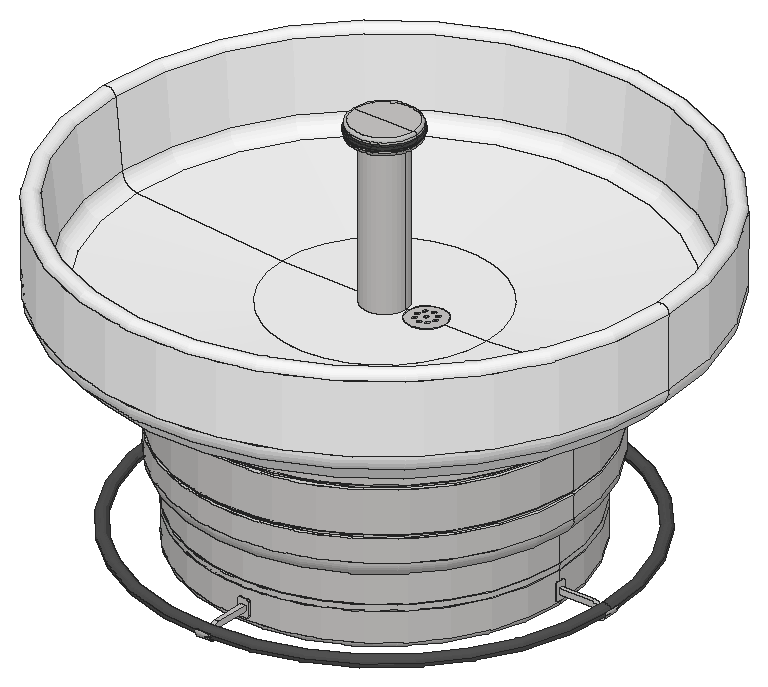
Revit family "Washfountain_Lavatory-Bradley_Corp-WF2608-Type_A_Drain", category Plumbing Fixtures, Revit 2012 (continued)
Lines and regions (in)
  symbolic lines, visible <- "Standard Height", detail levels fine
    curve 33: line (17.96214, 0, 10.06252) -> (-17.96214, 0, 10.06252)
    curve 36: line (-16.6163, 0, 3.8055) -> (16.6163, 0, 3.8055)
    curve 37: line (16.6643, 0, 3.74185) -> (-16.6643, 0, 3.74185)
    curve 39: line (-16.6163, 0, 3.1805) -> (16.6163, 0, 3.1805)
    curve 40: line (16.6643, 0, 3.24415) -> (-16.6643, 0, 3.24415)
    curve 53: line (0, 17.96307, 14.62502) -> (0, -17.96122, 14.62502)
    curve 54: line (0, -17.83622, 14.50002) -> (0, 17.83807, 14.50002)
    curve 55: line (0, 17.83807, 14.37502) -> (0, -17.83622, 14.37502)
    curve 56: line (0, -17.96122, 14.25002) -> (0, 17.96307, 14.25002)
    curve 57: line (0, 17.96307, 10.43752) -> (0, -17.96122, 10.43752)
    curve 58: line (0, -17.83622, 10.31252) -> (0, 17.83807, 10.31252)
    curve 59: line (0, 17.83807, 10.18752) -> (0, -17.83622, 10.18752)
    curve 60: line (0, -17.96122, 10.06252) -> (0, 17.96307, 10.06252)
    curve 62: line (0, 16.61723, 3.8055) -> (0, -16.61537, 3.8055)
    curve 63: line (0, 16.61723, 3.1805) -> (0, -16.61537, 3.1805)
    curve 64: line (0, -16.66337, 3.74185) -> (0, 16.66523, 3.74185)
    curve 66: line (0, -16.66337, 3.24415) -> (0, 16.66523, 3.24415)
  symbolic lines, visible <- "Standard Height", detail levels medium
    curve 29: line (-17.83714, 0, 14.43752) -> (17.83714, 0, 14.43752)
    curve 34: line (-17.83714, 0, 10.25002) -> (17.83714, 0, 10.25002)
    curve 38: line (-16.6643, 0, 3.493) -> (16.6643, 0, 3.493)
    curve 65: line (0, -16.66337, 3.493) -> (0, 16.66523, 3.493)
    curve 67: line (0, -17.83622, 10.25002) -> (0, 17.83807, 10.25002)
    curve 68: line (0, -17.83622, 14.43752) -> (0, 17.83807, 14.43752)
  symbolic lines, visible <- "Standard Height"
    curve 35: line (-16.6163, 0, 6.50796) -> (16.6163, 0, 6.50796)
    curve 61: line (0, 16.61723, 6.50796) -> (0, -16.61537, 6.50796)
  symbolic lines, detail levels coarse
    curve 41: line (0, 27, 20.75002) -> (0, -27, 20.75002)
  symbolic lines, visible <- "Soap Dispenser", detail levels medium+fine
    curve 69: line (-6.1566, 0, 43.125) -> (6.1566, 0, 43.125)
    curve 75: line (0, 6.1566, 43.125) -> (0, -6.1566, 43.125)
    curve 101: circle (0, 0, 44.125) r 4.17907 normal (0, 0, 1)
  symbolic lines, visible <- "Soap Dispenser", detail levels fine
    curve 70: line (-5.98301, 0, 42.48173) -> (5.98301, 0, 42.48173)
    curve 71: line (5.93039, 0, 41.23173) -> (-5.93039, 0, 41.23173)
    curve 72: line (-5.87777, 0, 39.98173) -> (5.87777, 0, 39.98173)
    curve 73: line (5.81, 0, 38.73173) -> (-5.81, 0, 38.73173)
    curve 74: line (-6.1566, 0, 43.75) -> (6.1566, 0, 43.75)
    curve 76: line (0, -5.98301, 42.48173) -> (0, 5.98301, 42.48173)
    curve 77: line (0, 5.93039, 41.23173) -> (0, -5.93039, 41.23173)
    curve 78: line (0, -5.87777, 39.98173) -> (0, 5.87777, 39.98173)
    curve 79: line (0, 5.81, 38.73173) -> (0, -5.81, 38.73173)
    curve 80: line (0, 6.1566, 43.75) -> (0, -6.1566, 43.75)
  symbolic lines, detail levels medium
    curve 81: line (-3.12875, 0, 35.18002) -> (-3.035, 0, 35.18002)
    curve 83: line (3.035, 0, 35.18002) -> (3.12875, 0, 35.18002)
    curve 84: line (3.12875, 0, 34.68002) -> (3.035, 0, 34.68002)
    curve 86: line (-3.035, 0, 34.68002) -> (-3.12875, 0, 34.68002)
    curve 88: line (0, 3.12875, 35.18002) -> (0, 3.035, 35.18002)
    curve 90: line (0, -3.035, 35.18002) -> (0, -3.12875, 35.18002)
    curve 91: line (0, -3.12875, 34.68002) -> (0, -3.035, 34.68002)
    curve 93: line (0, 3.035, 34.68002) -> (0, 3.12875, 34.68002)
  symbolic lines, detail levels medium+fine
    curve 82: line (-3.035, 0, 35.18002) -> (3.035, 0, 35.18002)
    curve 85: line (3.035, 0, 34.68002) -> (-3.035, 0, 34.68002)
    curve 89: line (0, 3.035, 35.18002) -> (0, -3.035, 35.18002)
    curve 92: line (0, -3.035, 34.68002) -> (0, 3.035, 34.68002)
    curve 103: circle (0, 0, 35.625) r 2 normal (0, 0, 1)
    curve 203: circle (4, 0, 29.25) r 1.25 normal (0, 0, 1)
    curve 204: circle (4, 0, 29.25) r 0.1842 normal (0, 0, 1)
    curve 205: circle (4, 0.87771, 29.25) r 0.1842 normal (0, 0, 1)
    curve 206: circle (4.62063, 0.62063, 29.25) r 0.1842 normal (0, 0, 1)
    curve 207: circle (4.87771, 0, 29.25) r 0.1842 normal (0, 0, 1)
    curve 208: circle (4.62063, -0.62063, 29.25) r 0.1842 normal (0, 0, 1)
    curve 209: circle (4, -0.87771, 29.25) r 0.1842 normal (0, 0, 1)
    curve 210: circle (3.37937, -0.62063, 29.25) r 0.1842 normal (0, 0, 1)
    curve 211: circle (3.12229, 0, 29.25) r 0.1842 normal (0, 0, 1)
    curve 212: circle (3.37937, 0.62063, 29.25) r 0.1842 normal (0, 0, 1)
    curve 214: circle (0, 0, 29.25) r 20.5 normal (0, 0, 1)
  symbolic lines
    curve 87: line (-2, 0, 34.23502) -> (2, 0, 34.23502)
    curve 94: line (0, 2, 34.23502) -> (0, -2, 34.23502)
    curve 202: circle (4, 0, 29.25) r 1.75 normal (0, 0, 1)
    curve 213: circle (0, 0, 29.25) r 25 normal (0, 0, 1)
  symbolic lines, visible <- "Sensor Module", detail levels fine
    curve 95: line (-4.49987, 0, 38.55959) -> (4.49987, 0, 38.55959)
    curve 98: line (0, 4.49987, 38.55959) -> (0, -4.49987, 38.55959)
  symbolic lines, visible <- "Sensor Module", detail levels medium
    curve 96: line (4.57537, 0, 37.11012) -> (-4.5755, 0, 37.11012)
    curve 99: line (0, -4.57537, 37.11012) -> (0, 4.57537, 37.11012)
  symbolic lines, visible <- "Sensor Module"
    curve 97: line (-2, 0, 36.28462) -> (2, 0, 36.28462)
    curve 100: line (0, 2, 36.285) -> (0, -2, 36.285)
  symbolic lines, visible <- "Sensor Module", detail levels medium+fine
    curve 102: circle (0, 0, 39.125) r 2.10282 normal (0, 0, 1)
  model lines, visible <- "Towel Dispenser", detail levels fine
    curve 107: spline (-9.02676, 1.1394, 53.87502) -> (-8.93305, 0.9771, 56.91615) -> (-8.65832, 0.50125, 59.75002) -> (-8.22128, -0.25572, 62.18353) -> (-7.65173, -1.24223, 64.05082) -> (-6.98846, -2.39103, 65.22465) -> (-6.2767, -3.62385, 65.62502) -> (-5.56493, -4.85667, 65.22465) -> (-4.90166, -6.00548, 64.05082) -> (-4.33211, -6.99198, 62.18353) -> (-3.89507, -7.74895, 59.75002) -> (-3.62034, -8.2248, 56.91615) -> (-3.52663, -8.3871, 53.87502)
    curve 108: spline (3.527, -8.3872, 53.87502) -> (3.6207, -8.22489, 56.91615) -> (3.89542, -7.74903, 59.75002) -> (4.33244, -6.99205, 62.18353) -> (4.90197, -6.00554, 64.05082) -> (5.56521, -4.85671, 65.22465) -> (6.27694, -3.62387, 65.62502) -> (6.98868, -2.39103, 65.22465) -> (7.65191, -1.24221, 64.05082) -> (8.22144, -0.2557, 62.18353) -> (8.65846, 0.50129, 59.75002) -> (8.93318, 0.97714, 56.91615) -> (9.02688, 1.13945, 53.87502)
    curve 154: spline (4.50547, -6.69233, 56.47659) -> (4.48576, -6.72648, 56.51066) -> (4.46739, -6.7583, 56.61056) -> (4.45161, -6.78563, 56.76948) -> (4.43951, -6.80659, 56.97659) -> (4.4319, -6.81977, 57.21777) -> (4.4293, -6.82427, 57.47659) -> (4.4319, -6.81977, 57.7354) -> (4.43951, -6.80659, 57.97659) -> (4.45161, -6.78563, 58.18369) -> (4.46739, -6.7583, 58.34261) -> (4.48576, -6.72648, 58.44251) -> (4.50547, -6.69233, 58.47659) -> (4.52519, -6.65819, 58.44251) -> (4.54356, -6.62637, 58.34261) -> (4.55933, -6.59904, 58.18369) -> (4.57144, -6.57807, 57.97659) -> (4.57905, -6.56489, 57.7354) -> (4.58164, -6.5604, 57.47659) -> (4.57905, -6.56489, 57.21777) -> (4.57144, -6.57807, 56.97659) -> (4.55933, -6.59904, 56.76948) -> (4.54356, -6.62637, 56.61056) -> (4.52519, -6.65819, 56.51066) -> (4.50547, -6.69233, 56.47659)
    curve 155: spline (3.54323, 7.20696, 56.47659) -> (3.58266, 7.20696, 56.51066) -> (3.6194, 7.20696, 56.61056) -> (3.65095, 7.20696, 56.76948) -> (3.67516, 7.20696, 56.97659) -> (3.69038, 7.20696, 57.21777) -> (3.69557, 7.20696, 57.47659) -> (3.69038, 7.20696, 57.7354) -> (3.67516, 7.20696, 57.97659) -> (3.65095, 7.20696, 58.18369) -> (3.6194, 7.20696, 58.34261) -> (3.58266, 7.20696, 58.44251) -> (3.54323, 7.20696, 58.47659) -> (3.5038, 7.20696, 58.44251) -> (3.46706, 7.20696, 58.34261) -> (3.4355, 7.20696, 58.18369) -> (3.41129, 7.20696, 57.97659) -> (3.39607, 7.20696, 57.7354) -> (3.39088, 7.20696, 57.47659) -> (3.39607, 7.20696, 57.21777) -> (3.41129, 7.20696, 56.97659) -> (3.4355, 7.20696, 56.76948) -> (3.46706, 7.20696, 56.61056) -> (3.5038, 7.20696, 56.51066) -> (3.54323, 7.20696, 56.47659)
    curve 156: spline (-8.04824, -0.55544, 56.47659) -> (-8.06796, -0.52129, 56.51066) -> (-8.08633, -0.48947, 56.61056) -> (-8.10211, -0.46215, 56.76948) -> (-8.11421, -0.44118, 56.97659) -> (-8.12182, -0.428, 57.21777) -> (-8.12442, -0.42351, 57.47659) -> (-8.12182, -0.428, 57.7354) -> (-8.11421, -0.44118, 57.97659) -> (-8.10211, -0.46215, 58.18369) -> (-8.08633, -0.48947, 58.34261) -> (-8.06796, -0.52129, 58.44251) -> (-8.04824, -0.55544, 58.47659) -> (-8.02853, -0.58959, 58.44251) -> (-8.01016, -0.62141, 58.34261) -> (-7.99438, -0.64873, 58.18369) -> (-7.98228, -0.6697, 57.97659) -> (-7.97467, -0.68288, 57.7354) -> (-7.97207, -0.68737, 57.47659) -> (-7.97467, -0.68288, 57.21777) -> (-7.98228, -0.6697, 56.97659) -> (-7.99438, -0.64873, 56.76948) -> (-8.01016, -0.62141, 56.61056) -> (-8.02853, -0.58959, 56.51066) -> (-8.04824, -0.55544, 56.47659)
    curve 157: spline (5.50026, 7.20696, 53.87502) -> (5.31285, 7.20696, 56.91615) -> (4.76338, 7.20696, 59.75002) -> (3.88931, 7.20696, 62.18353) -> (2.75019, 7.20696, 64.05082) -> (1.42367, 7.20696, 65.22465) -> (0.00013, 7.20696, 65.62502) -> (-1.42341, 7.20696, 65.22465) -> (-2.74994, 7.20696, 64.05082) -> (-3.88905, 7.20696, 62.18353) -> (-4.76312, 7.20696, 59.75002) -> (-5.31259, 7.20696, 56.91615) -> (-5.5, 7.20696, 53.87502)
  symbolic lines, visible <- "Towel Dispenser", detail levels fine
    curve 110: spline (-9.02676, -27, 53.87502) -> (-8.93305, -27, 56.91615) -> (-8.65832, -27, 59.75002) -> (-8.22128, -27, 62.18353) -> (-7.65173, -27, 64.05082) -> (-6.98846, -27, 65.22465) -> (-6.2767, -27, 65.62502) -> (-5.56493, -27, 65.22465) -> (-4.90166, -27, 64.05082) -> (-4.33211, -27, 62.18353) -> (-3.89507, -27, 59.75002) -> (-3.62034, -27, 56.91615) -> (-3.52663, -27, 53.87502)
    curve 111: spline (3.527, -27, 53.87502) -> (3.6207, -27, 56.91615) -> (3.89542, -27, 59.75002) -> (4.33244, -27, 62.18353) -> (4.90197, -27, 64.05082) -> (5.56521, -27, 65.22465) -> (6.27694, -27, 65.62502) -> (6.98868, -27, 65.22465) -> (7.65191, -27, 64.05082) -> (8.22144, -27, 62.18353) -> (8.65846, -27, 59.75002) -> (8.93318, -27, 56.91615) -> (9.02688, -27, 53.87502)
    curve 141: spline (5.50026, 27, 53.87502) -> (5.31285, 27, 56.91615) -> (4.76338, 27, 59.75002) -> (3.88931, 27, 62.18353) -> (2.75019, 27, 64.05082) -> (1.42367, 27, 65.22465) -> (0.00013, 27, 65.62502) -> (-1.42341, 27, 65.22465) -> (-2.74994, 27, 64.05082) -> (-3.88905, 27, 62.18353) -> (-4.76312, 27, 59.75002) -> (-5.31259, 27, 56.91615) -> (-5.5, 27, 53.87502)
    curve 149: spline (0, 1.1394, 53.87502) -> (0, 0.9771, 56.91615) -> (0, 0.50125, 59.75002) -> (0, -0.25572, 62.18353) -> (0, -1.24223, 64.05082) -> (0, -2.39103, 65.22465) -> (0, -3.62385, 65.62502) -> (0, -4.85667, 65.22465) -> (0, -6.00548, 64.05082) -> (0, -6.99198, 62.18353) -> (0, -7.74895, 59.75002) -> (0, -8.2248, 56.91615) -> (0, -8.3871, 53.87502)
    curve 158: spline (-8.04824, -27, 56.47659) -> (-8.06796, -27, 56.51066) -> (-8.08633, -27, 56.61056) -> (-8.10211, -27, 56.76948) -> (-8.11421, -27, 56.97659) -> (-8.12182, -27, 57.21777) -> (-8.12442, -27, 57.47659) -> (-8.12182, -27, 57.7354) -> (-8.11421, -27, 57.97659) -> (-8.10211, -27, 58.18369) -> (-8.08633, -27, 58.34261) -> (-8.06796, -27, 58.44251) -> (-8.04824, -27, 58.47659) -> (-8.02853, -27, 58.44251) -> (-8.01016, -27, 58.34261) -> (-7.99438, -27, 58.18369) -> (-7.98228, -27, 57.97659) -> (-7.97467, -27, 57.7354) -> (-7.97207, -27, 57.47659) -> (-7.97467, -27, 57.21777) -> (-7.98228, -27, 56.97659) -> (-7.99438, -27, 56.76948) -> (-8.01016, -27, 56.61056) -> (-8.02853, -27, 56.51066) -> (-8.04824, -27, 56.47659)
    curve 159: spline (4.50547, -27, 56.47659) -> (4.48576, -27, 56.51066) -> (4.46739, -27, 56.61056) -> (4.45161, -27, 56.76948) -> (4.43951, -27, 56.97659) -> (4.4319, -27, 57.21777) -> (4.4293, -27, 57.47659) -> (4.4319, -27, 57.7354) -> (4.43951, -27, 57.97659) -> (4.45161, -27, 58.18369) -> (4.46739, -27, 58.34261) -> (4.48576, -27, 58.44251) -> (4.50547, -27, 58.47659) -> (4.52519, -27, 58.44251) -> (4.54356, -27, 58.34261) -> (4.55933, -27, 58.18369) -> (4.57144, -27, 57.97659) -> (4.57905, -27, 57.7354) -> (4.58164, -27, 57.47659) -> (4.57905, -27, 57.21777) -> (4.57144, -27, 56.97659) -> (4.55933, -27, 56.76948) -> (4.54356, -27, 56.61056) -> (4.52519, -27, 56.51066) -> (4.50547, -27, 56.47659)
    curve 160: spline (3.54323, 27, 56.47659) -> (3.58266, 27, 56.51066) -> (3.6194, 27, 56.61056) -> (3.65095, 27, 56.76948) -> (3.67516, 27, 56.97659) -> (3.69038, 27, 57.21777) -> (3.69557, 27, 57.47659) -> (3.69038, 27, 57.7354) -> (3.67516, 27, 57.97659) -> (3.65095, 27, 58.18369) -> (3.6194, 27, 58.34261) -> (3.58266, 27, 58.44251) -> (3.54323, 27, 58.47659) -> (3.5038, 27, 58.44251) -> (3.46706, 27, 58.34261) -> (3.4355, 27, 58.18369) -> (3.41129, 27, 57.97659) -> (3.39607, 27, 57.7354) -> (3.39088, 27, 57.47659) -> (3.39607, 27, 57.21777) -> (3.41129, 27, 56.97659) -> (3.4355, 27, 56.76948) -> (3.46706, 27, 56.61056) -> (3.5038, 27, 56.51066) -> (3.54323, 27, 56.47659)
    curve 194: spline (0, -0.55544, 56.47659) -> (0, -0.52129, 56.51066) -> (0, -0.48947, 56.61056) -> (0, -0.46215, 56.76948) -> (0, -0.44118, 56.97659) -> (0, -0.428, 57.21777) -> (0, -0.42351, 57.47659) -> (0, -0.428, 57.7354) -> (0, -0.44118, 57.97659) -> (0, -0.46215, 58.18369) -> (0, -0.48947, 58.34261) -> (0, -0.52129, 58.44251) -> (0, -0.55544, 58.47659) -> (0, -0.58959, 58.44251) -> (0, -0.62141, 58.34261) -> (0, -0.64873, 58.18369) -> (0, -0.6697, 57.97659) -> (0, -0.68288, 57.7354) -> (0, -0.68737, 57.47659) -> (0, -0.68288, 57.21777) -> (0, -0.6697, 56.97659) -> (0, -0.64873, 56.76948) -> (0, -0.62141, 56.61056) -> (0, -0.58959, 56.51066) -> (0, -0.55544, 56.47659)
  symbolic lines, visible <- "Towel Dispenser"
    curve 112: line (-0.06253, -27, 67.813) -> (-3.52663, -27, 67.12567)
    curve 113: line (3.527, -27, 67.12567) -> (0.06285, -27, 67.813)
    curve 114: line (-9.02676, -27, 67.12567) -> (-3.52663, -27, 67.12567)
    curve 115: line (-3.52663, -27, 67.12567) -> (-3.52663, -27, 53.87502)
    curve 116: line (3.527, -27, 53.87502) -> (3.527, -27, 67.12567)
    curve 117: line (0.06285, -27, 67.813) -> (0.06285, -27, 52.5)
    curve 118: line (-0.06253, -27, 52.5) -> (-0.06253, -27, 67.813)
    curve 119: line (-3.52663, -27, 53.87502) -> (-1.57807, -27, 52.5)
    curve 120: line (1.57842, -27, 52.5) -> (3.527, -27, 53.87502)
    curve 121: line (-9.02676, -27, 53.87502) -> (-3.52663, -27, 53.87502)
    curve 122: line (3.527, -27, 53.87502) -> (9.02688, -27, 53.87502)
    curve 131: line (3.527, -27, 67.12567) -> (9.02688, -27, 67.12567)
    curve 133: line (-5.5, 27, 67.813) -> (-5.5, 27, 52.5)
    curve 134: line (5.50026, 27, 52.5) -> (5.50026, 27, 67.813)
    curve 135: line (5.50026, 27, 67.12567) -> (-5.5, 27, 67.12567)
    curve 136: line (5.50026, 27, 53.87502) -> (-5.5, 27, 53.87502)
    curve 142: line (0, 3.20696, 67.813) -> (0, 3.20696, 52.5)
    curve 143: line (0, 3.1394, 67.813) -> (0, 3.1394, 52.5)
    curve 144: line (0, 1.1394, 67.12567) -> (0, 3.1394, 67.813)
    curve 145: line (0, 1.1394, 53.87502) -> (0, 1.1394, 67.12567)
    curve 146: line (0, 1.1394, 67.12567) -> (0, -8.3871, 67.12567)
    curve 147: line (0, 2.2644, 52.5) -> (0, 1.1394, 53.87502)
    curve 148: line (0, 1.1394, 53.87502) -> (0, -8.3871, 53.87502)
    curve 192: line (-2, -27, 52.5) -> (2, -27, 52.5)
    curve 193: line (-2, -27, 67.813) -> (2, -27, 67.813)
    curve 195: line (0, 2, 67.813) -> (0, -2, 67.813)
    curve 218: line (-5.56259, 3.13929, 52.5) -> (-0.06259, -6.38699, 52.5)
    curve 219: line (0.06279, -6.3871, 52.5) -> (5.56279, 3.13918, 52.5)
    curve 220: line (5.50026, 3.20696, 52.5) -> (-5.5, 3.20696, 52.5)
    curve 221: line (-5.5, 3.20696, 52.5) -> (-5.56259, 3.13929, 52.5)
    curve 222: line (5.56279, 3.13918, 52.5) -> (5.50026, 3.20696, 52.5)
  symbolic lines, visible <- "Towel Dispenser", detail levels medium+fine
    curve 123: line (-3.85657, -27, 53.5786) -> (-7.8567, -27, 53.5786)
    curve 124: spline (-7.8567, -27, 53.5786) -> (-7.93487, -27, 53.56528) -> (-7.96995, -27, 53.52621) -> (-7.95954, -27, 53.46406) -> (-7.90435, -27, 53.38306) -> (-7.80815, -27, 53.28873) -> (-7.67748, -27, 53.18751) -> (-7.52126, -27, 53.08629) -> (-7.35013, -27, 52.99197) -> (-7.17575, -27, 52.91097) -> (-7.01001, -27, 52.84882) -> (-6.8642, -27, 52.80975) -> (-6.74826, -27, 52.79642)
    curve 125: line (-6.74826, -27, 52.79642) -> (-2.74813, -27, 52.79642)
    curve 126: spline (-2.74813, -27, 52.79642) -> (-2.66996, -27, 52.80975) -> (-2.63488, -27, 52.84882) -> (-2.64529, -27, 52.91097) -> (-2.70048, -27, 52.99197) -> (-2.79669, -27, 53.08629) -> (-2.92735, -27, 53.18751) -> (-3.08357, -27, 53.28873) -> (-3.2547, -27, 53.38306) -> (-3.42908, -27, 53.46406) -> (-3.59482, -27, 53.52621) -> (-3.74063, -27, 53.56528) -> (-3.85657, -27, 53.5786)
    curve 127: line (7.8569, -27, 53.57864) -> (3.85695, -27, 53.57864)
    curve 128: spline (3.85695, -27, 53.57864) -> (3.74101, -27, 53.56531) -> (3.59521, -27, 53.52624) -> (3.42947, -27, 53.46409) -> (3.25509, -27, 53.38309) -> (3.08396, -27, 53.28877) -> (2.92774, -27, 53.18755) -> (2.79707, -27, 53.08632) -> (2.70086, -27, 52.992) -> (2.64567, -27, 52.911) -> (2.63526, -27, 52.84885) -> (2.67033, -27, 52.80978) -> (2.7485, -27, 52.79645)
    curve 129: line (2.7485, -27, 52.79645) -> (6.74844, -27, 52.79645)
    curve 130: spline (6.74844, -27, 52.79645) -> (6.86438, -27, 52.80978) -> (7.01019, -27, 52.84885) -> (7.17593, -27, 52.911) -> (7.3503, -27, 52.992) -> (7.52143, -27, 53.08632) -> (7.67766, -27, 53.18755) -> (7.80832, -27, 53.28877) -> (7.90453, -27, 53.38309) -> (7.95972, -27, 53.46409) -> (7.97014, -27, 53.52624) -> (7.93507, -27, 53.56531) -> (7.8569, -27, 53.57864)
    curve 137: line (-4, 27, 53.5786) -> (4.00026, 27, 53.5786)
    curve 138: spline (4.00026, 27, 53.5786) -> (4.19437, 27, 53.56528) -> (4.37526, 27, 53.52621) -> (4.53059, 27, 53.46406) -> (4.64978, 27, 53.38306) -> (4.7247, 27, 53.28873) -> (4.75026, 27, 53.18751) -> (4.7247, 27, 53.08629) -> (4.64978, 27, 52.99197) -> (4.53059, 27, 52.91097) -> (4.37526, 27, 52.84882) -> (4.19437, 27, 52.80975) -> (4.00026, 27, 52.79642)
    curve 139: line (4.00026, 27, 52.79642) -> (-4, 27, 52.79642)
    curve 140: spline (-4, 27, 52.79642) -> (-4.19411, 27, 52.80975) -> (-4.375, 27, 52.84882) -> (-4.53033, 27, 52.91097) -> (-4.64952, 27, 52.99197) -> (-4.72444, 27, 53.08629) -> (-4.75, 27, 53.18751) -> (-4.72444, 27, 53.28873) -> (-4.64952, 27, 53.38306) -> (-4.53033, 27, 53.46406) -> (-4.375, 27, 53.52621) -> (-4.19411, 27, 53.56528) -> (-4, 27, 53.5786)
    curve 150: line (0, -6.84554, 53.5786) -> (0, 0.08288, 53.5786)
    curve 151: spline (0, 0.08288, 53.5786) -> (0, 0.26189, 53.56528) -> (0, 0.45051, 53.52621) -> (0, 0.63588, 53.46406) -> (0, 0.80537, 53.38306) -> (0, 0.94743, 53.28873) -> (0, 1.05238, 53.18751) -> (0, 1.11307, 53.08629) -> (0, 1.12535, 52.99197) -> (0, 1.0884, 52.91097) -> (0, 1.00473, 52.84882) -> (0, 0.88005, 52.80975) -> (0, 0.72284, 52.79642)
    curve 152: line (0, 0.72284, 52.79642) -> (0, -6.20559, 52.79642)
    curve 153: spline (0, -6.20559, 52.79642) -> (0, -6.3846, 52.80975) -> (0, -6.57321, 52.84882) -> (0, -6.75859, 52.91097) -> (0, -6.92808, 52.99197) -> (0, -7.07014, 53.08629) -> (0, -7.17508, 53.18751) -> (0, -7.23577, 53.28873) -> (0, -7.24806, 53.38306) -> (0, -7.2111, 53.46406) -> (0, -7.12744, 53.52621) -> (0, -7.00275, 53.56528) -> (0, -6.84554, 53.5786)
    curve 215: line (-7.0782, 2.2644, 52.5) -> (-1.57807, -7.2621, 52.5)
    curve 216: line (1.57842, -7.26225, 52.5) -> (7.07842, 2.26403, 52.5)
    curve 217: line (5.50026, 4.95696, 52.5) -> (-5.5, 4.95696, 52.5)
  model lines, not visible
    curve 161: circle (0, 0, 0) r 21 normal (0, 0, 1)
  sketch lines
    curve 162: circle (0, 0, 0) r 21 normal (0, 0, 1)
  symbolic lines, visible <- "Foot Control Valve", detail levels fine
    curve 163: line (-0.67, 0, 0.925) -> (-0.67, 0, 1.61691)
    curve 164: line (-0.67, 0, 1.61691) -> (0.67, 0, 1.61691)
    curve 165: line (0.67, 0, 1.61691) -> (0.67, 0, 0.925)
    curve 166: line (-0.46567, 0, 0.825) -> (0.46567, 0, 0.825)
    curve 167: line (-0.50501, 0, 1.925) -> (0.50501, 0, 1.925)
    curve 168: arc (-20.98857, 0, 0.925) -> (-21.39304, 0, 1.11581) -> (-21.48307, 0, 1.55388) r 0.5
    curve 169: arc (-20.99912, 0, 0.82487) -> (-20.82626, 0, 0.85057) -> (-20.66814, 0, 0.925) r 0.6
    curve 170: line (-20.30228, 0, 0.925) -> (-20.98857, 0, 0.925)
    curve 171: arc (21.48307, 0, 1.55388) -> (21.39304, 0, 1.11581) -> (20.98857, 0, 0.925) r 0.5
    curve 172: arc (20.66814, 0, 0.925) -> (20.82626, 0, 0.85057) -> (20.99912, 0, 0.82487) r 0.6
    curve 173: line (20.30228, 0, 0.925) -> (20.98857, 0, 0.925)
    curve 174: arc (0, 21.48307, 1.55401) -> (0, 20.6919, 1.03121) -> (0, 21.009, 1.92492) r 0.5
    curve 175: arc (0, 20.51154, 1.53179) -> (0, 20.47337, 1.59132) -> (0, 20.41385, 1.55315) r 0.05
    curve 176: arc (0, 20.41385, 1.55315) -> (0, 20.5328, 1.04853) -> (0, 21.00059, 0.825) r 0.6
    curve 177: line (0, 20.30377, 0.92644) -> (0, 20.66618, 0.92644)
    curve 178: arc (0, -21.00467, 1.92498) -> (0, -20.69361, 1.02988) -> (0, -21.48307, 1.55401) r 0.5
    curve 179: arc (0, -20.41385, 1.55315) -> (0, -20.47337, 1.59132) -> (0, -20.51154, 1.53179) r 0.05
    curve 180: arc (0, -20.98882, 0.8251) -> (0, -20.52913, 1.05313) -> (0, -20.41385, 1.55315) r 0.6
    curve 181: line (0, -20.30078, 0.92644) -> (0, -20.66618, 0.92644)
    curve 182: line (0, -0.67, 1.61678) -> (0, -0.67, 0.82487)
    curve 183: line (0, 0.67, 1.61678) -> (0, -0.67, 1.61678)
    curve 184: line (0, 0.67, 0.82487) -> (0, 0.67, 1.61678)
    curve 185: line (0, 0.50501, 1.92487) -> (0, -0.50501, 1.92487)
    curve 186: line (0, 0.46567, 0.82487) -> (0, -0.46567, 0.82487)
  model lines, detail levels medium+fine
    curve 201: circle (4, 0, 20.20024) r 1.25 normal (0, 0, 1)
    curve 223: circle (4, 0, 20.25) r 1.25 normal (0, 0, 1)
Dimensions and locks (in)
  equal spacing: plane 4 "Left", plane 3 "Center (Left/Right)", plane 5 "Right"
  "Width": plane 4 "Left" to plane 5 "Right"
  equal spacing: plane 7 "Back", plane 1 "Center (Front/Back)", plane 6 "Front"
  "Width": plane 7 "Back" to plane 6 "Front"
  "Towel Dispenser Height": plane 8 "Towel Dispenser" to plane 2
  "Soap Dispenser Height": plane 9 "Soap Dispenser" to plane 2
  "Sensor Module Height": plane 10 "Sensor Module" to plane 2
  "Spray Head Height": plane 11 "Spray Head" to plane 2
  "Rim Height": plane 12 "Rim Height" to plane 2
  "Pedestal Height": plane 13 "Pedestal Height" to plane 2
  locked: plane 11 "Spray Head" to Revolve 7 sketch curve at 1.38998
  locked: plane 9 "Soap Dispenser" to Revolve 9 sketch curve at 6
  locked: plane 9 "Soap Dispenser" to Masking region 13 sketch curve at 6
  locked: plane 9 "Soap Dispenser" to Masking region 14 sketch curve at 6
  locked: plane 10 "Sensor Module" to Revolve 11 sketch curve at 2.84038
  locked: plane 10 "Sensor Module" to Revolve 12 sketch curve at 2.84
  locked: plane 10 "Sensor Module" to Masking region 21 sketch curve at 2.84038
  locked: plane 10 "Sensor Module" to Masking region 21 sketch curve at 2.84
  locked: plane 10 "Sensor Module" to Masking region 22 sketch curve at 2.84038  (x2)
  locked: plane 10 "Sensor Module" to Masking region 23 sketch curve at 2.84038
  locked: plane 10 "Sensor Module" to Masking region 23 sketch curve at 2.84
  locked: plane 10 "Sensor Module" to Masking region 24 sketch curve at 2.84038  (x2)
  locked: Extrusion 13 sketch curve to curve 106 at 4
  locked: curve 106 to Extrusion 13 sketch curve at 15.16279
  locked: curve 106 to Extrusion 13 sketch curve at 15.313
  locked: Extrusion 14 sketch curve to curve 104 at 4
  locked: curve 104 to Extrusion 14 sketch curve at 15.313
  locked: curve 104 to Extrusion 14 sketch curve at 15.16279
  locked: Extrusion 15 sketch curve to curve 105 at 15.313
  locked: Extrusion 15 sketch curve to curve 105 at 14.62567
  locked: Extrusion 16 to Extrusion 14 at 1
  locked: plane 9 "Soap Dispenser" to plane 14 at 6
  "Soap Dispenser Holder": plane 14 to Masking region 32
  "Soap Dispenser Holder": Masking region 33 to plane 14
  "Soap Dispenser Holder": plane 14 to Extrusion 17
  "Towel Dispenser Holder": plane 8 "Towel Dispenser" to Extrusion 16
  "Towel Dispenser Holder": plane 8 "Towel Dispenser" to Masking region 30 sketch curve
  "Towel Dispenser Holder": plane 8 "Towel Dispenser" to Masking region 38
  locked: Extrusion 31 to plane 2 at 3
  plane 1 "Center (Front/Back)" to Extrusion 32 sketch curve = 2.500"  (x2)
  Extrusion 32 sketch curve to plane 3 "Center (Left/Right)" to Extrusion 32 sketch curve = 7.625", 7.625"
  locked: Extrusion 32 to plane 2 at 2.5
  locked: plane 9 "Soap Dispenser" to Revolve 10 sketch curve at 1
  locked: plane 9 "Soap Dispenser" to Revolve 33 sketch curve at 1
  locked: plane 10 "Sensor Module" to Extrusion 34 sketch curve at 1.3649
  locked: plane 10 "Sensor Module" to Extrusion 36 sketch curve at 1.3649
  locked: plane 10 "Sensor Module" to Extrusion 35 sketch curve at 1.3649
  locked: plane 10 "Sensor Module" to Extrusion 37 sketch curve at 1.3649
  locked: plane 3 "Center (Left/Right)" to Extrusion 31 sketch curve at 4
  "Drain Radius": radius of Extrusion 31 sketch curve
  "Hot Lavatory Inlet Radius": radius of Extrusion 32 sketch curve
  "Cold Lavatory Inlet Radius": radius of Extrusion 32 sketch curve
  aligned and locked: Revolve 1 sketch curve to plane 3 "Center (Left/Right)"
  aligned and locked: Revolve 2 sketch curve to plane 4 "Left"
  aligned and locked: Revolve 2 sketch curve to plane 13 "Pedestal Height"
  aligned and locked: plane 3 "Center (Left/Right)" to Revolve 2 sketch curve
  aligned and locked: Revolve 2 sketch curve to plane 3 "Center (Left/Right)"
  aligned and locked: Revolve 3 sketch curve to plane 3 "Center (Left/Right)"  (x2)
  aligned and locked: Revolve 4 sketch curve to plane 3 "Center (Left/Right)"
  aligned and locked: Revolve 5 sketch curve to plane 3 "Center (Left/Right)"
  aligned and locked: Revolve 6 sketch curve to plane 3 "Center (Left/Right)"
  aligned and locked: Revolve 7 sketch curve to plane 3 "Center (Left/Right)"
  aligned and locked: Revolve 8 sketch curve to plane 3 "Center (Left/Right)"
  aligned and locked: Revolve 9 sketch curve to plane 3 "Center (Left/Right)"
  aligned and locked: Revolve 10 sketch curve to plane 3 "Center (Left/Right)"
  aligned and locked: plane 12 "Rim Height" to Masking region 17 sketch curve
  aligned and locked: Masking region 18 sketch curve to plane 12 "Rim Height"
  aligned and locked: Masking region 19 sketch curve to plane 12 "Rim Height"
  aligned and locked: plane 12 "Rim Height" to Masking region 20 sketch curve
  aligned and locked: Revolve 11 sketch curve to plane 3 "Center (Left/Right)"
  aligned and locked: Revolve 12 sketch curve to plane 3 "Center (Left/Right)"
  aligned and locked: Revolve 11 sketch curve to plane 11 "Spray Head"
  aligned and locked: Revolve 12 sketch curve to plane 11 "Spray Head"
  aligned and locked: plane 11 "Spray Head" to Masking region 21 sketch curve
  aligned and locked: Masking region 22 sketch curve to plane 11 "Spray Head"
  aligned and locked: plane 11 "Spray Head" to Masking region 23 sketch curve
  aligned and locked: Masking region 24 sketch curve to plane 11 "Spray Head"
  aligned and locked: plane 14 to Masking region 32 sketch curve
  aligned and locked: plane 14 to Masking region 33 sketch curve
  aligned and locked: Extrusion 17 to plane 14
  aligned and locked: Masking region 38 sketch curve to plane 8 "Towel Dispenser"
  aligned and locked: plane 12 "Rim Height" to Extrusion 29
  aligned and locked: Extrusion 29 to plane 13 "Pedestal Height"
  aligned and locked: plane 3 "Center (Left/Right)" to Masking region 25 sketch curve
  aligned and locked: plane 1 "Center (Front/Back)" to Masking region 25 sketch curve
  aligned and locked: plane 1 "Center (Front/Back)" to Extrusion 31 sketch curve
  aligned and locked: Extrusion 31 to plane 2
  aligned and locked: Revolve 8 to plane 13 "Pedestal Height"
  aligned and locked: Revolve 7 to plane 13 "Pedestal Height"
  aligned and locked: Extrusion 32 to plane 2
  aligned and locked: plane 14 to Revolve 10 sketch curve
  aligned and locked: Revolve 33 sketch curve to plane 3 "Center (Left/Right)"
  aligned and locked: Revolve 33 sketch curve to plane 9 "Soap Dispenser"
  aligned and locked: plane 3 "Center (Left/Right)" to Extrusion 34 sketch curve
  aligned and locked: plane 3 "Center (Left/Right)" to Extrusion 36 sketch curve
  aligned and locked: plane 3 "Center (Left/Right)" to Extrusion 35 sketch curve
  aligned and locked: plane 3 "Center (Left/Right)" to Extrusion 37 sketch curve
  aligned and locked: Masking region 23 to Extrusion 35
  aligned and locked: Extrusion 34 to Masking region 23
  aligned and locked: Masking region 23 to Extrusion 37
  aligned and locked: Extrusion 37 to Masking region 24
  aligned and locked: Extrusion 36 to Masking region 24
  aligned and locked: Masking region 23 to Extrusion 36
  aligned and locked: Masking region 39 sketch curve to Extrusion 35
  aligned and locked: Masking region 39 sketch curve to curve 99  (x2)
  aligned and locked: Masking region 39 sketch curve to Extrusion 34
  aligned and locked: Extrusion 37 to Masking region 40 sketch curve
  aligned and locked: Masking region 40 sketch curve to Extrusion 37
  aligned and locked: Extrusion 36 to Masking region 40 sketch curve
  aligned and locked: Masking region 40 sketch curve to Extrusion 36
  aligned and locked: Masking region 2 sketch curve to plane 13 "Pedestal Height"
  aligned and locked: Masking region 8 sketch curve to plane 13 "Pedestal Height"
  aligned and locked: Masking region 7 sketch curve to plane 13 "Pedestal Height"
  aligned and locked: cut or joined group of Revolve 2, Extrusion 29 to Extrusion 30
Automatic sketch dimensions
  curve 1 to plane 1 "Center (Front/Back)" = 0.000"
  curve 2 to plane 3 "Center (Left/Right)" = 0.000"
  plane 3 "Center (Left/Right)" to curve 1 = 3.000"
  curve 1 to plane 3 "Center (Left/Right)" = 3.000"
  curve 2 to plane 1 "Center (Front/Back)" = 3.000"
  plane 1 "Center (Front/Back)" to curve 2 = 3.000"
  curve 3 to plane 1 "Center (Front/Back)" = 0.000"
  curve 4 to plane 3 "Center (Left/Right)" = 0.000"
  plane 3 "Center (Left/Right)" to curve 3 = 3.000"
  curve 3 to plane 3 "Center (Left/Right)" = 3.000"
  curve 4 to plane 1 "Center (Front/Back)" = 3.000"
  plane 1 "Center (Front/Back)" to curve 4 = 3.000"
  curve 5 to plane 1 "Center (Front/Back)" = 0.000"
  curve 6 to plane 3 "Center (Left/Right)" = 0.000"
  plane 3 "Center (Left/Right)" to curve 5 = 3.000"
  curve 5 to plane 3 "Center (Left/Right)" = 3.000"
  curve 6 to plane 1 "Center (Front/Back)" = 3.000"
  plane 1 "Center (Front/Back)" to curve 6 = 3.000"
  curve 7 to plane 1 "Center (Front/Back)" = 0.000"
  curve 8 to plane 3 "Center (Left/Right)" = 0.000"
  plane 3 "Center (Left/Right)" to curve 7 = 3.000"
  curve 7 to plane 3 "Center (Left/Right)" = 3.000"
  curve 8 to plane 1 "Center (Front/Back)" = 3.000"
  plane 1 "Center (Front/Back)" to curve 8 = 3.000"
  curve 12 to plane 1 "Center (Front/Back)" = 0.000"
  curve 11 to plane 3 "Center (Left/Right)" = 0.000"
  plane 3 "Center (Left/Right)" to curve 12 = 3.000"
  curve 12 to plane 3 "Center (Left/Right)" = 3.000"
  curve 11 to plane 1 "Center (Front/Back)" = 3.000"
  plane 1 "Center (Front/Back)" to curve 11 = 3.000"
  Revolve 3 sketch curve to curve 12 = 13.1163"
  Revolve 3 sketch curve to Revolve 3 sketch curve = 0.34584"
  Revolve 3 sketch curve to Revolve 3 sketch curve = 0.15416"
  Revolve 3 sketch curve to Revolve 3 sketch curve = 0.500"
  Revolve 3 sketch curve to Revolve 3 sketch curve = 0.048"
  curve 12 to Revolve 3 sketch curve = 4.49998"
  Revolve 3 sketch curve to Revolve 3 sketch curve = 1.375"  (x2)
  Revolve 3 sketch curve to Revolve 3 sketch curve = 0.125"  (x9)
  Revolve 3 sketch curve to curve 12 = 0.00002"
  Revolve 3 sketch curve to Revolve 3 sketch curve = 3.8125"
  Revolve 3 sketch curve to Revolve 3 sketch curve = 2.0625"
  Revolve 3 sketch curve to Revolve 3 sketch curve = 2.70246"
  Revolve 3 sketch curve to Revolve 3 sketch curve = 0.06365"  (x2)
  Revolve 3 sketch curve to Revolve 3 sketch curve = 0.4977"
  Revolve 3 sketch curve to Revolve 3 sketch curve = 2.6805"
  Revolve 3 sketch curve to curve 12 = 24.99998"
  curve 12 to Revolve 3 sketch curve = 6.00002"
  Revolve 4 sketch curve to curve 12 = 0.000"
  curve 12 to Revolve 4 sketch curve = 3.000"
  Revolve 4 sketch curve to curve 12 = 13.6163"
  Revolve 4 sketch curve to Revolve 4 sketch curve = 1.34584"
  curve 12 to Revolve 4 sketch curve = 12.49204"
  Revolve 4 sketch curve to Revolve 4 sketch curve = 6.50796"
  Revolve 4 sketch curve to curve 12 = 24.70153"
  curve 12 to Revolve 4 sketch curve = 5.29847"
  Revolve 6 sketch curve to Revolve 6 sketch curve = 0.000"
  Revolve 6 sketch curve to curve 12 = 13.6163"
  Revolve 6 sketch curve to curve 12 = 0.00002"
  Revolve 6 sketch curve to Revolve 6 sketch curve = 1.34584"
  curve 12 to Revolve 6 sketch curve = 9.78595"
  Revolve 6 sketch curve to curve 12 = 15.000"
  Revolve 6 sketch curve to Revolve 6 sketch curve = 2.02198"
  curve 12 to Revolve 6 sketch curve = 5.97802"
  Revolve 9 sketch curve to curve 7 = 0.000"
  Revolve 9 sketch curve to Revolve 9 sketch curve = 0.000"
  Revolve 9 sketch curve to curve 7 = 0.84002"
  Revolve 9 sketch curve to curve 7 = 1.17907"
  Revolve 9 sketch curve to Revolve 9 sketch curve = 1.96998"
  Revolve 9 sketch curve to Revolve 9 sketch curve = 0.06777"
  Revolve 9 sketch curve to Revolve 9 sketch curve = 0.05262"  (x2)
  Revolve 9 sketch curve to Revolve 9 sketch curve = 0.03075"
  curve 7 to Revolve 9 sketch curve = 0.375"
  Revolve 9 sketch curve to Revolve 9 sketch curve = 0.14284"
  Revolve 9 sketch curve to curve 7 = 10.32479"
  Revolve 9 sketch curve to Revolve 9 sketch curve = 0.60673"
  Revolve 9 sketch curve to Revolve 9 sketch curve = 1.250"  (x3)
  Revolve 9 sketch curve to Revolve 9 sketch curve = 0.625"
  Revolve 9 sketch curve to curve 7 = 2.42521"
  Revolve 10 sketch curve to Revolve 10 sketch curve = 0.000"
  Revolve 10 sketch curve to curve 7 = 2.810"
  Revolve 10 sketch curve to curve 7 = 3.1566"
  Revolve 10 sketch curve to Revolve 10 sketch curve = 1.2391"
  Revolve 10 sketch curve to curve 7 = 1.2609"
  Masking region 3 sketch curve to curve 12 = 0.000"
  Masking region 3 sketch curve to curve 12 = 14.96214"
  Masking region 3 sketch curve to Masking region 3 sketch curve = 1.34584"  (x2)
  curve 12 to Masking region 3 sketch curve = 13.6163"
  Masking region 3 sketch curve to Masking region 3 sketch curve = 12.49204"  (x2)
  Masking region 3 sketch curve to Masking region 3 sketch curve = 6.50796"
  Masking region 4 sketch curve to curve 12 = 0.00002"
  Masking region 4 sketch curve to curve 12 = 14.96214"
  Masking region 4 sketch curve to Masking region 4 sketch curve = 0.000"  (x3)
  curve 12 to Masking region 4 sketch curve = 4.74998"
  Masking region 4 sketch curve to Masking region 4 sketch curve = 0.125"  (x14)
  curve 12 to Masking region 4 sketch curve = 4.62498"  (x2)
  Masking region 4 sketch curve to Masking region 4 sketch curve = 1.29784"
  Masking region 4 sketch curve to Masking region 4 sketch curve = 0.048"  (x3)
  Masking region 4 sketch curve to Masking region 4 sketch curve = 0.15416"  (x2)
  Masking region 4 sketch curve to Masking region 4 sketch curve = 0.500"  (x2)
  curve 12 to Masking region 4 sketch curve = 13.1163"
  Masking region 4 sketch curve to Masking region 4 sketch curve = 0.34584"
  Masking region 4 sketch curve to Masking region 4 sketch curve = 1.375"
  Masking region 4 sketch curve to Masking region 4 sketch curve = 1.500"
  curve 12 to Masking region 4 sketch curve = 4.37498"
  Masking region 4 sketch curve to Masking region 4 sketch curve = 3.8125"  (x2)
  Masking region 4 sketch curve to Masking region 4 sketch curve = 2.0625"  (x2)
  Masking region 4 sketch curve to Masking region 4 sketch curve = 2.70246"  (x2)
  Masking region 4 sketch curve to Masking region 4 sketch curve = 0.06365"  (x4)
  Masking region 4 sketch curve to Masking region 4 sketch curve = 0.4977"  (x2)
  Masking region 4 sketch curve to Masking region 4 sketch curve = 2.6805"
  Masking region 5 sketch curve to curve 12 = 0.000"
  Masking region 5 sketch curve to curve 12 = 14.96214"
  Masking region 5 sketch curve to Masking region 5 sketch curve = 1.34584"  (x2)
  curve 12 to Masking region 5 sketch curve = 13.6163"
  curve 12 to Masking region 5 sketch curve = 9.78595"  (x2)
  Masking region 5 sketch curve to Masking region 5 sketch curve = 5.21405"
  curve 2 to curve 41 = 8.49998"
  curve 41 to curve 2 = 24.000"
  curve 2 to curve 41 = 24.000"
  Masking region 10 sketch curve to curve 11 = 0.00002"
  Masking region 10 sketch curve to curve 11 = 14.96307"
  Masking region 10 sketch curve to Masking region 10 sketch curve = 0.000"  (x3)
  curve 11 to Masking region 10 sketch curve = 4.74998"
  Masking region 10 sketch curve to Masking region 10 sketch curve = 0.125"  (x14)
  curve 11 to Masking region 10 sketch curve = 4.62498"  (x2)
  Masking region 10 sketch curve to Masking region 10 sketch curve = 1.29784"
  Masking region 10 sketch curve to Masking region 10 sketch curve = 0.048"  (x3)
  Masking region 10 sketch curve to Masking region 10 sketch curve = 1.500"  (x2)
  Masking region 10 sketch curve to Masking region 10 sketch curve = 0.500"  (x2)
  curve 11 to Masking region 10 sketch curve = 13.11537"
  Masking region 10 sketch curve to Masking region 10 sketch curve = 0.34584"
  Masking region 10 sketch curve to Masking region 10 sketch curve = 0.15416"
  Masking region 10 sketch curve to Masking region 10 sketch curve = 1.375"
  curve 11 to Masking region 10 sketch curve = 4.37498"
  Masking region 10 sketch curve to Masking region 10 sketch curve = 3.8125"  (x2)
  Masking region 10 sketch curve to Masking region 10 sketch curve = 2.0625"  (x2)
  Masking region 10 sketch curve to Masking region 10 sketch curve = 2.70246"  (x2)
  Masking region 10 sketch curve to Masking region 10 sketch curve = 0.06365"  (x4)
  Masking region 10 sketch curve to Masking region 10 sketch curve = 0.4977"  (x2)
  Masking region 10 sketch curve to Masking region 10 sketch curve = 2.6805"
  curve 3 to Revolve 7 sketch curve = 3.000"
  curve 3 to Revolve 7 sketch curve = 1.000"
  curve 3 to Revolve 7 sketch curve = 0.215"  (x2)
  Revolve 7 sketch curve to curve 3 = 0.00002"
  Revolve 7 sketch curve to curve 3 = 0.035"  (x2)
  Revolve 7 sketch curve to Revolve 7 sketch curve = 0.09375"
  Revolve 7 sketch curve to curve 3 = 6.7545"
  Revolve 7 sketch curve to curve 3 = 16.625"
  Revolve 7 sketch curve to curve 3 = 0.94498"
  Revolve 7 sketch curve to curve 3 = 0.53873"
  Revolve 7 sketch curve to Revolve 7 sketch curve = 1.24548"
  Revolve 8 sketch curve to curve 3 = 0.000"
  curve 3 to Revolve 8 sketch curve = 1.000"
  curve 3 to Revolve 8 sketch curve = 0.215"
  curve 3 to Revolve 8 sketch curve = 0.21498"
  Revolve 8 sketch curve to curve 3 = 0.12875"
  Revolve 8 sketch curve to Revolve 8 sketch curve = 2.000"
  Revolve 8 sketch curve to curve 3 = 0.44498"
  Revolve 8 sketch curve to curve 3 = 0.94498"
  Revolve 8 sketch curve to curve 3 = 1.38998"
  curve 3 to Revolve 8 sketch curve = 1.38998"
  Revolve 8 sketch curve to curve 3 = 16.625"
  Revolve 8 sketch curve to Revolve 8 sketch curve = 0.44599"
  Masking region 13 sketch curve to curve 7 = 0.000"
  Masking region 13 sketch curve to curve 7 = 3.22592"
  Masking region 13 sketch curve to curve 7 = 2.810"
  curve 7 to Masking region 13 sketch curve = 2.810"
  curve 7 to Masking region 13 sketch curve = 3.22592"
  Masking region 14 sketch curve to curve 7 = 0.000"
  curve 7 to Masking region 14 sketch curve = 1.000"
  Masking region 14 sketch curve to curve 7 = 3.1566"
  Masking region 14 sketch curve to Masking region 14 sketch curve = 0.14284"  (x2)
  Masking region 14 sketch curve to Masking region 14 sketch curve = 0.03075"  (x2)
  Masking region 14 sketch curve to Masking region 14 sketch curve = 0.05262"  (x4)
  Masking region 14 sketch curve to Masking region 14 sketch curve = 0.06777"  (x2)
  Masking region 14 sketch curve to curve 7 = 1.17907"
  Masking region 14 sketch curve to curve 7 = 0.84002"
  curve 7 to Masking region 14 sketch curve = 0.84002"
  curve 7 to Masking region 14 sketch curve = 1.17907"
  Masking region 14 sketch curve to Masking region 14 sketch curve = 1.96998"
  curve 7 to Masking region 14 sketch curve = 0.375"
  Masking region 14 sketch curve to curve 7 = 7.18965"
  Masking region 14 sketch curve to Masking region 14 sketch curve = 0.60673"  (x2)
  Masking region 14 sketch curve to Masking region 14 sketch curve = 1.250"  (x5)
  Masking region 14 sketch curve to Masking region 14 sketch curve = 0.64327"
  Masking region 14 sketch curve to Masking region 14 sketch curve = 0.625"
  Masking region 15 sketch curve to curve 8 = 0.000"
  Masking region 15 sketch curve to curve 8 = 3.22592"
  Masking region 15 sketch curve to curve 8 = 2.810"
  curve 8 to Masking region 15 sketch curve = 2.810"
  curve 8 to Masking region 15 sketch curve = 3.22592"
  Masking region 15 sketch curve to curve 8 = 6.000"
  Masking region 16 sketch curve to curve 8 = 0.000"
  curve 8 to Masking region 16 sketch curve = 1.000"
  Masking region 16 sketch curve to curve 8 = 3.1566"
  Masking region 16 sketch curve to Masking region 16 sketch curve = 0.14284"  (x2)
  Masking region 16 sketch curve to Masking region 16 sketch curve = 0.03075"  (x2)
  Masking region 16 sketch curve to Masking region 16 sketch curve = 0.05262"  (x4)
  Masking region 16 sketch curve to Masking region 16 sketch curve = 0.06777"  (x2)
  Masking region 16 sketch curve to curve 8 = 1.17907"
  Masking region 16 sketch curve to curve 8 = 0.84002"
  curve 8 to Masking region 16 sketch curve = 0.84002"
  curve 8 to Masking region 16 sketch curve = 1.17907"
  Masking region 16 sketch curve to Masking region 16 sketch curve = 1.96998"
  curve 8 to Masking region 16 sketch curve = 0.375"
  Masking region 16 sketch curve to curve 8 = 7.18965"
  Masking region 16 sketch curve to Masking region 16 sketch curve = 1.18965"
  Masking region 16 sketch curve to Masking region 16 sketch curve = 0.60673"  (x2)
  Masking region 16 sketch curve to Masking region 16 sketch curve = 1.250"  (x5)
  Masking region 16 sketch curve to Masking region 16 sketch curve = 0.64327"
  Masking region 16 sketch curve to Masking region 16 sketch curve = 0.625"
  curve 8 to curve 80 = 0.375"
  curve 80 to curve 8 = 3.1566"
  curve 75 to curve 80 = 0.000"  (x2)
  curve 75 to curve 76 = 0.17359"
  curve 76 to curve 77 = 0.05262"
  curve 77 to curve 78 = 0.05262"
  curve 78 to curve 79 = 0.06777"
  curve 8 to curve 79 = 2.810"
  curve 79 to curve 78 = 0.06777"
  curve 78 to curve 77 = 0.05262"
  curve 77 to curve 76 = 0.05262"
  curve 76 to curve 80 = 0.17359"
  curve 75 to curve 80 = 0.625"
  curve 76 to curve 75 = 0.64327"
  curve 77 to curve 76 = 1.250"
  curve 78 to curve 77 = 1.250"
  curve 79 to curve 78 = 1.250"
  Masking region 18 sketch curve to curve 3 = 0.12875"
  Masking region 18 sketch curve to curve 3 = 0.035"  (x2)
  Masking region 18 sketch curve to curve 3 = 0.00002"
  curve 3 to Masking region 18 sketch curve = 0.215"  (x2)
  Masking region 18 sketch curve to Masking region 18 sketch curve = 0.785"
  Masking region 18 sketch curve to curve 3 = 1.000"
  Masking region 18 sketch curve to curve 3 = 0.215"  (x2)
  curve 3 to Masking region 18 sketch curve = 0.035"  (x2)
  Masking region 18 sketch curve to Masking region 18 sketch curve = 0.09375"
  Masking region 18 sketch curve to curve 3 = 1.38998"  (x2)
  Masking region 18 sketch curve to curve 3 = 0.94498"  (x2)
  Masking region 18 sketch curve to curve 3 = 0.53873"  (x2)
  Masking region 17 sketch curve to curve 3 = 0.000"
  Masking region 17 sketch curve to curve 3 = 0.12875"
  curve 3 to Masking region 17 sketch curve = 0.21498"
  curve 3 to Masking region 17 sketch curve = 0.215"
  Masking region 17 sketch curve to Masking region 17 sketch curve = 0.785"
  Masking region 17 sketch curve to curve 3 = 1.000"
  Masking region 17 sketch curve to curve 3 = 0.215"
  Masking region 17 sketch curve to curve 3 = 0.21498"
  curve 3 to Masking region 17 sketch curve = 0.12875"
  Masking region 17 sketch curve to curve 3 = 1.38998"  (x2)
  Masking region 17 sketch curve to curve 3 = 0.94498"  (x2)
  Masking region 17 sketch curve to curve 3 = 0.44498"  (x2)
  curve 7 to curve 74 = 0.375"
  curve 74 to curve 7 = 3.1566"
  curve 69 to curve 74 = 0.000"  (x2)
  curve 69 to curve 70 = 0.17359"
  curve 70 to curve 71 = 0.05262"
  curve 71 to curve 72 = 0.05262"
  curve 72 to curve 73 = 0.06777"
  curve 7 to curve 73 = 2.810"
  curve 73 to curve 72 = 0.06777"
  curve 72 to curve 71 = 0.05262"
  curve 71 to curve 70 = 0.05262"
  curve 70 to curve 74 = 0.17359"
  curve 69 to curve 74 = 0.625"
  curve 70 to curve 69 = 0.64327"
  curve 71 to curve 70 = 1.250"
  curve 72 to curve 71 = 1.250"
  curve 73 to curve 72 = 1.250"
  curve 86 to curve 3 = 0.12875"
  curve 81 to curve 3 = 0.12875"
  curve 85 to curve 3 = 0.035"
  curve 82 to curve 3 = 0.035"
  curve 3 to curve 87 = 1.000"
  curve 87 to curve 3 = 1.000"
  curve 3 to curve 84 = 0.035"
  curve 3 to curve 82 = 0.035"
  curve 82 to curve 83 = 0.09375"
  curve 84 to curve 84 = 0.09375"
  curve 87 to curve 3 = 1.38998"
  curve 86 to curve 3 = 0.94498"
  curve 83 to curve 3 = 0.44498"
  Masking region 19 sketch curve to curve 4 = 0.000"
  Masking region 19 sketch curve to curve 4 = 0.12875"
  curve 4 to Masking region 19 sketch curve = 0.21498"
  curve 4 to Masking region 19 sketch curve = 0.215"
  Masking region 19 sketch curve to Masking region 19 sketch curve = 0.785"
  Masking region 19 sketch curve to curve 4 = 1.000"
  Masking region 19 sketch curve to curve 4 = 0.215"
  Masking region 19 sketch curve to curve 4 = 0.21498"
  curve 4 to Masking region 19 sketch curve = 0.12875"
  Masking region 19 sketch curve to curve 4 = 1.38998"  (x2)
  Masking region 19 sketch curve to curve 4 = 0.94498"  (x2)
  Masking region 19 sketch curve to curve 4 = 0.44498"  (x2)
  Masking region 20 sketch curve to curve 4 = 0.12875"
  Masking region 20 sketch curve to curve 4 = 0.035"  (x2)
  curve 4 to Masking region 20 sketch curve = 0.215"  (x2)
  Masking region 20 sketch curve to curve 4 = 0.00002"
  curve 4 to Masking region 20 sketch curve = 1.000"
  Masking region 20 sketch curve to curve 4 = 1.000"
  Masking region 20 sketch curve to curve 4 = 0.215"  (x2)
  curve 4 to Masking region 20 sketch curve = 0.035"  (x2)
  Masking region 20 sketch curve to Masking region 20 sketch curve = 0.09375"
  Masking region 20 sketch curve to curve 4 = 1.38998"  (x2)
  Masking region 20 sketch curve to curve 4 = 0.94498"  (x2)
  Masking region 20 sketch curve to curve 4 = 0.53873"  (x2)
  curve 93 to curve 4 = 0.12875"
  curve 88 to curve 4 = 0.12875"
  curve 92 to curve 4 = 0.035"
  curve 89 to curve 4 = 0.035"
  curve 4 to curve 94 = 1.000"
  curve 94 to curve 4 = 1.000"
  curve 4 to curve 91 = 0.035"
  curve 4 to curve 89 = 0.035"
  curve 89 to curve 90 = 0.09375"
  curve 91 to curve 91 = 0.09375"
  curve 94 to curve 4 = 1.38998"
  curve 93 to curve 4 = 0.94498"
  curve 90 to curve 4 = 0.44498"
  Revolve 11 sketch curve to curve 5 = 0.000"
  curve 5 to Revolve 11 sketch curve = 1.000"
  curve 5 to Revolve 11 sketch curve = 0.89718"
  Revolve 11 sketch curve to curve 5 = 0.64632"
  Revolve 11 sketch curve to Revolve 11 sketch curve = 0.17678"
  Revolve 11 sketch curve to Revolve 11 sketch curve = 0.000"  (x5)
  Revolve 11 sketch curve to Revolve 11 sketch curve = 0.60355"
  Revolve 11 sketch curve to Revolve 11 sketch curve = 0.176"
  curve 5 to Revolve 11 sketch curve = 0.34072"
  Revolve 11 sketch curve to curve 5 = 1.44037"
  Revolve 11 sketch curve to Revolve 11 sketch curve = 0.01575"
  Revolve 11 sketch curve to Revolve 11 sketch curve = 0.074"
  Revolve 11 sketch curve to Revolve 11 sketch curve = 0.0755"
  Revolve 11 sketch curve to curve 5 = 2.78252"
  Revolve 11 sketch curve to curve 5 = 39.99275"
  Revolve 11 sketch curve to Revolve 11 sketch curve = 0.07322"
  Revolve 11 sketch curve to Revolve 11 sketch curve = 0.60277"
  Revolve 11 sketch curve to Revolve 11 sketch curve = 0.22469"
  Revolve 11 sketch curve to Revolve 11 sketch curve = 1.19454"
  Revolve 12 sketch curve to curve 5 = 0.000"
  curve 5 to Revolve 12 sketch curve = 1.000"
  Revolve 12 sketch curve to curve 5 = 0.75025"
  Revolve 12 sketch curve to Revolve 12 sketch curve = 0.82512"  (x2)
  Revolve 12 sketch curve to Revolve 12 sketch curve = 0.000"
  Revolve 12 sketch curve to Revolve 12 sketch curve = 0.26682"
  Revolve 12 sketch curve to curve 5 = 1.30001"
  Masking region 22 sketch curve to curve 5 = 0.000"
  Masking region 22 sketch curve to curve 5 = 1.57537"
  Masking region 22 sketch curve to Masking region 22 sketch curve = 0.0755"  (x2)
  Masking region 22 sketch curve to Masking region 22 sketch curve = 0.11925"
  Masking region 22 sketch curve to Masking region 22 sketch curve = 0.000"  (x7)
  Masking region 22 sketch curve to Masking region 22 sketch curve = 0.135"
  Masking region 22 sketch curve to Masking region 22 sketch curve = 0.074"  (x2)
  Masking region 22 sketch curve to Masking region 22 sketch curve = 0.176"  (x2)
  Masking region 22 sketch curve to curve 5 = 0.82309"
  Masking region 22 sketch curve to Masking region 22 sketch curve = 0.17678"  (x2)
  curve 5 to Masking region 22 sketch curve = 0.89718"
  curve 5 to Masking region 22 sketch curve = 1.000"
  curve 5 to Masking region 22 sketch curve = 2.78252"
  Masking region 22 sketch curve to Masking region 22 sketch curve = 0.43497"
  Masking region 22 sketch curve to curve 5 = 1.000"
  Masking region 22 sketch curve to curve 5 = 0.89718"
  curve 5 to Masking region 22 sketch curve = 0.64632"
  Masking region 22 sketch curve to Masking region 22 sketch curve = 0.60355"
  curve 5 to Masking region 22 sketch curve = 0.34072"
  curve 5 to Masking region 22 sketch curve = 1.44037"
  Masking region 22 sketch curve to Masking region 22 sketch curve = 0.01575"
  Masking region 22 sketch curve to curve 5 = 39.99275"
  Masking region 22 sketch curve to Masking region 22 sketch curve = 0.07322"  (x2)
  Masking region 22 sketch curve to Masking region 22 sketch curve = 0.60277"  (x2)
  Masking region 22 sketch curve to Masking region 22 sketch curve = 0.3591"
  Masking region 22 sketch curve to Masking region 22 sketch curve = 0.22469"
  Masking region 22 sketch curve to Masking region 22 sketch curve = 0.13441"
  Masking region 21 sketch curve to curve 5 = 0.000"
  Masking region 21 sketch curve to curve 5 = 1.5755"
  Masking region 21 sketch curve to curve 5 = 0.750"
  curve 5 to Masking region 21 sketch curve = 1.000"
  Masking region 21 sketch curve to curve 5 = 1.000"
  curve 5 to Masking region 21 sketch curve = 0.75025"
  curve 5 to Masking region 21 sketch curve = 1.57537"
  Masking region 21 sketch curve to Masking region 21 sketch curve = 0.8255"
  Masking region 21 sketch curve to Masking region 21 sketch curve = 0.82512"
  Masking region 23 sketch curve to curve 6 = 0.000"
  Masking region 23 sketch curve to curve 6 = 1.57537"
  Masking region 23 sketch curve to curve 6 = 0.74987"
  curve 6 to Masking region 23 sketch curve = 1.000"
  Masking region 23 sketch curve to curve 6 = 1.000"
  curve 6 to Masking region 23 sketch curve = 0.75025"
  curve 6 to Masking region 23 sketch curve = 1.57537"
  Masking region 23 sketch curve to Masking region 23 sketch curve = 0.82512"
  Masking region 23 sketch curve to Masking region 23 sketch curve = 0.8255"
  curve 99 to curve 6 = 1.57537"
  curve 6 to curve 98 = 0.56541"
  curve 99 to curve 98 = 0.0755"
  curve 6 to curve 100 = 1.000"
  curve 100 to curve 6 = 1.000"
  curve 6 to curve 98 = 1.49987"
  curve 98 to curve 99 = 0.0755"
  curve 99 to curve 98 = 1.44948"
  curve 100 to curve 6 = 2.840"
  Masking region 24 sketch curve to curve 6 = 0.000"
  Masking region 24 sketch curve to curve 6 = 1.57537"
  Masking region 24 sketch curve to Masking region 24 sketch curve = 0.0755"  (x2)
  Masking region 24 sketch curve to Masking region 24 sketch curve = 0.11925"
  Masking region 24 sketch curve to Masking region 24 sketch curve = 0.000"  (x7)
  Masking region 24 sketch curve to Masking region 24 sketch curve = 0.135"
  Masking region 24 sketch curve to Masking region 24 sketch curve = 0.074"
  Masking region 24 sketch curve to Masking region 24 sketch curve = 0.250"
  Masking region 24 sketch curve to curve 6 = 0.82309"
  Masking region 24 sketch curve to Masking region 24 sketch curve = 0.17678"  (x2)
  curve 6 to Masking region 24 sketch curve = 0.89718"
  curve 6 to Masking region 24 sketch curve = 1.000"
  curve 6 to Masking region 24 sketch curve = 2.78252"
  Masking region 24 sketch curve to Masking region 24 sketch curve = 0.43497"
  Masking region 24 sketch curve to curve 6 = 1.000"
  Masking region 24 sketch curve to curve 6 = 0.89718"
  curve 6 to Masking region 24 sketch curve = 0.64632"
  Masking region 24 sketch curve to Masking region 24 sketch curve = 0.60355"
  Masking region 24 sketch curve to Masking region 24 sketch curve = 0.176"
  curve 6 to Masking region 24 sketch curve = 0.34072"
  curve 6 to Masking region 24 sketch curve = 1.44037"
  Masking region 24 sketch curve to Masking region 24 sketch curve = 0.01575"
  Masking region 24 sketch curve to Masking region 24 sketch curve = 0.0595"
  Masking region 24 sketch curve to curve 6 = 39.99275"
  Masking region 24 sketch curve to Masking region 24 sketch curve = 0.07322"  (x2)
  Masking region 24 sketch curve to Masking region 24 sketch curve = 0.60277"  (x2)
  Masking region 24 sketch curve to Masking region 24 sketch curve = 0.3591"
  Masking region 24 sketch curve to Masking region 24 sketch curve = 0.22469"
  Masking region 24 sketch curve to Masking region 24 sketch curve = 0.13441"
  Masking region 26 sketch curve to plane 1 "Center (Front/Back)" = 0.000"
  Masking region 26 sketch curve to plane 3 "Center (Left/Right)" = 0.000"
  curve 101 to plane 1 "Center (Front/Back)" = 0.000"
  curve 101 to plane 3 "Center (Left/Right)" = 0.000"
  Masking region 27 sketch curve to plane 1 "Center (Front/Back)" = 0.000"
  Masking region 27 sketch curve to plane 3 "Center (Left/Right)" = 0.000"
  curve 102 to plane 1 "Center (Front/Back)" = 0.000"
  curve 102 to plane 3 "Center (Left/Right)" = 0.000"
  Masking region 28 sketch curve to plane 1 "Center (Front/Back)" = 0.000"
  Masking region 28 sketch curve to plane 3 "Center (Left/Right)" = 0.000"
  curve 103 to plane 1 "Center (Front/Back)" = 0.000"
  curve 103 to plane 3 "Center (Left/Right)" = 0.000"
  plane 8 "Towel Dispenser" to Extrusion 13 sketch curve = 0.000"
  Extrusion 13 sketch curve to Extrusion 13 sketch curve = 1.37502"
  Extrusion 13 sketch curve to Extrusion 13 sketch curve = 1.750"
  Extrusion 13 sketch curve to Extrusion 13 sketch curve = 2.250"
  Extrusion 14 sketch curve to Extrusion 14 sketch curve = 1.37502"
  Extrusion 14 sketch curve to Extrusion 14 sketch curve = 1.750"
  Extrusion 14 sketch curve to Extrusion 14 sketch curve = 2.250"
  Extrusion 14 sketch curve to plane 8 "Towel Dispenser" = 0.000"
  Extrusion 15 sketch curve to Extrusion 15 sketch curve = 1.37502"
  Extrusion 15 sketch curve to Extrusion 15 sketch curve = 1.750"
  Extrusion 15 sketch curve to Extrusion 15 sketch curve = 2.250"
  Extrusion 15 sketch curve to plane 8 "Towel Dispenser" = 0.000"
  Split face 1 sketch curve to Extrusion 13 = 0.56845"
  Split face 1 sketch curve to Split face 1 sketch curve = 0.750"
  Split face 1 sketch curve to Extrusion 13 = 1.500"  (x2)
